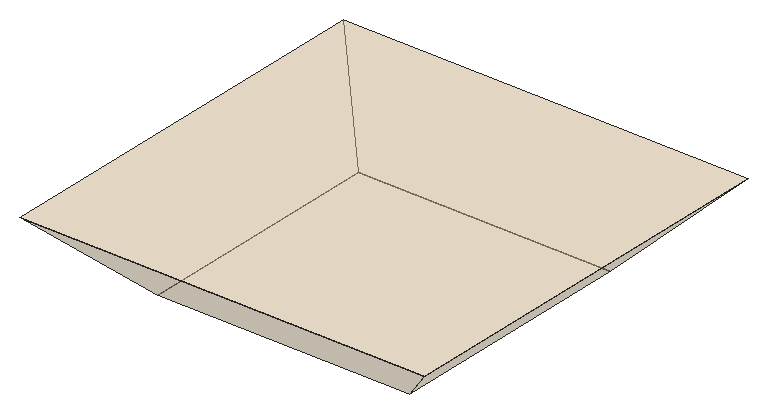
Revit family "Excavate Hole-Taluy", category Site, Revit 2017
Family settings
  Round Connector Dimension = Use Diameter
  Part Type = Normal
  Work Plane-Based = No
  Always vertical = Yes
  Cut with Voids When Loaded = No
  Shared = No
Parameters
  Width [instance] = 1670.053 mm
  VolumeExcavatedSoilPrimitive [instance] = 0.00 m³
  VolumeExcavatedSoilMerged [instance] = 0.00 m³
  VolumeBackfillSoil [instance] = 0.00 m³
  TrackingHostID1 [instance] = 0
  Taluy Angle = 45.00°
  Length [instance] = 1670.053 mm
  HostID1 [instance] = 0
  Hole Top Offset [instance] = Height / tan(Taluy Angle) + Hole Bottom Offset  # 1312.318 mm
  Height [instance] = 812.318 mm
  Hole Bottom Offset = 500 mm
  ExcavationTaluyAngleToX [instance] = Taluy Angle  # 45.00°
  AreaTOESImpactmentPrimitive [instance] = 0.00 m²
  AreaTOESImpactmentMerged [instance] = 0.00 m²
  AreaBOFImpactmentPrimitive [instance] = 0.00 m²
  AreaBOFImpactmentMerged [instance] = 0.00 m²
Reference planes
  plane 1 "Center (Front/Back)": y = 0
  plane 2: z = 0
  plane 3 "Center (Left/Right)": x = 0
  plane 4: y = 835.026
  plane 5: y = -835.026
  plane 6: x = -835.026
  plane 7: x = 835.026
  plane 8 "bottom": z = -812.318
  plane 9: x = -564.974
Forms (mm)
  Blend 1, solid
    base sketch origin (0, 0, -812.318) x (0, 1, 0) y (-1, 0, 0)
      loop
        line (1335.026, 1335.026) -> (-1335.026, 1335.026) -> (-1335.026, -1335.026) -> (1335.026, -1335.026) -> (1335.026, 1335.026)
    top sketch origin (0, 0, -812.318) x (0, 1, 0) y (-1, 0, 0)
      loop
        line (2147.344, 2147.344) -> (-2147.344, 2147.344) -> (-2147.344, -2147.344) -> (2147.344, -2147.344) -> (2147.344, 2147.344)
    from 0 to 812.318
Lines and regions (mm)
  model lines
    curve 1: line (-564.974, 40, 0) -> (-564.974, 640, 0)
    curve 2: line (-564.974, 640, 0) -> (55.026, 640, 0)
    curve 3: line (55.026, 640, 0) -> (55.026, 835.026, 0)
    curve 4: line (55.026, 835.026, 0) -> (731.218, 0, 0)
    curve 5: line (-564.974, -640, 0) -> (55.026, -640, 0)
    curve 6: line (55.026, -640, 0) -> (55.026, -835.026, 0)
    curve 7: line (55.026, -835.026, 0) -> (731.218, 0, 0)
Dimensions and locks
  equal spacing: plane 6, plane 3 "Center (Left/Right)", plane 7
  equal spacing: plane 4, plane 1 "Center (Front/Back)", plane 5
  "Length": plane 4 to plane 5
  "Width": plane 6 to plane 7
  "Height": plane 8 "bottom" to level
  "Hole Bottom Offset": plane 7 to Blend 1 sketch curve
  "Hole Bottom Offset": Blend 1 sketch curve to plane 4
  "Hole Bottom Offset": Blend 1 sketch curve to plane 6
  "Hole Bottom Offset": Blend 1 sketch curve to plane 5
  "Hole Top Offset": plane 5 to Blend 1 sketch curve
  "Hole Top Offset": plane 7 to Blend 1 sketch curve
  "Hole Top Offset": Blend 1 sketch curve to plane 4
  "Hole Top Offset": Blend 1 sketch curve to plane 6
  locked: plane 9 to plane 7 at 1400
  locked: plane 1 "Center (Front/Back)" to curve 2 at 640
  locked: plane 9 to curve 3 at 620
  locked: plane 1 "Center (Front/Back)" to curve 5 at 640
  locked: plane 9 to curve 6 at 620
  locked: plane 9 to curve 7 at 1296.191
  locked: curve 2 to curve 4 at 195.026
  locked: curve 7 to curve 5 at 195.026
  plane 6 to plane 9 = 270.053 mm
  aligned and locked: level to plane 2
  aligned and locked: Blend 1 to level
  aligned and locked: plane 9 to curve 1
Automatic sketch dimensions
  curve 5 to plane 9 = 0 mm
  plane 1 "Center (Front/Back)" to curve 7 = 0 mm
  curve 1 to plane 1 "Center (Front/Back)" = 40 mm
